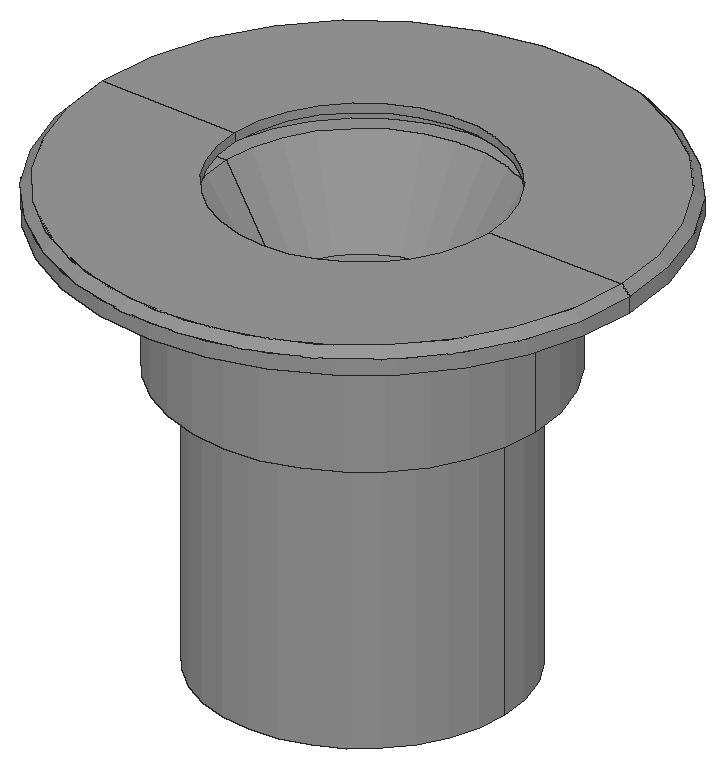
Revit family "0005170", category Lighting Fixtures, host Face, Revit 2017
Family settings
  Host = Face
  Round Connector Dimension = Use Diameter
  Part Type = Normal
  OmniClass Number = 23.80.70.00
  OmniClass Title = Lighting
  Cut with Voids When Loaded = No
  Light Source = No
  Shared = No
  Room Calculation Point = No
Parameters (values of type "0005170 START ECO SPOT ALU 740LM 830 IP44 WHT + WHT Refl")
  Weight = "kg"
  Wattage Comments = ""
  WarrantyStartDate [instance] = "n/a"
  WarrantyGuarantorParts = "n/a"
  WarrantyDurationUnit = "n/a"
  WarrantyDurationParts = "n/a"
  WarrantyDescription = "n/a"
  Voltage = 230 V
  URL = "http://www.sylvania-lighting.com"
  TypeName = "Start eco Spot Aluminium 740lm 830 IP44 WHT + WHT Refl"
  TypeLamp_SYL = START eco Spot Aluminium lamp : 0005170 START ECO SPOT ALU 740LM 830 IP44 WHT + WHT Refl
  Type Image = <None>
  Type Comments = "n/a"
  TiltAnfle_SYL [instance] = 0.00°
  SerialNumber [instance] = "n/a"
  PowerFactor = 0
  PowerConsumption = "9 W"
  NominalLength = 86 mm
  NominalHeight = 64 mm
  NominalDepth = 86 mm
  Name = "Start eco Spot Aluminium 740lm 830 IP44 WHT + WHT Refl"
  ModelReference = Name  # "Start eco Spot Aluminium 740lm 830 IP44 WHT + WHT Refl"
  ModelNumber = "0005170"
  Model = Name  # "Start eco Spot Aluminium 740lm 830 IP44 WHT + WHT Refl"
  Material = "n/a"
  ManufacturerName = "Feilo Sylvania"
  Manufacturer = "Feilo Sylvania"
  LuminousEfficacy = "82.22 lm/W"
  LuminaireType = ""
  LightOutputRatio = "n/a"
  LampsType = Lamp  # "LED"
  LampNominalLuminous = "740 lm"
  LampMacAdamStep = "n/a"
  LampColourTemperature = "3000 K"
  LampColourRenderingIndex = "80"
  Lamp = "LED"
  Keynote = "16500"
  InstallationDate [instance] = "n/a"
  InputVoltage = "220-240 V AC"
  InputNominalFrequency = "50/60 Hz"
  IngressProtection = "IP20/IP44"
  ImpactProtectionIndex = "IK03"
  IfcExportType = "IfcLightFixtureType"
  IfcExportAs = "IfcLightFixtureType"
  EndAngle_SYL [instance] = TiltAnfle_SYL + 180.00°  # 180.00°
  ElectricShockClassification = "Class II"
  DocumentationLiterature = "http://www.sylvania-lighting.com/product/en-int/products/0005170"
  DimmingControlOptions = "n/a"
  Material_2_SYL = Brushed Aluminum
  Description = "Integrated LED recessed spotlight, vertical tilt 30°, white bezel colour, white repleceable reflector, 740lm, 9.0W, dimmable trailing/leading edge, 3000K, 40° degree beam angle, polycarbonate and aluminium body, low profile 62mm recessed depth, IP44 from the front, IK03, loop-in/loop-out terminals for fast wiring, weight 0,165Kg, 85mm bezel diameter, 68-74mm cutout, clear lens. Additional black reflector included in the packaging. Lifetime: 30.000 hours at L70. Energy Class: A++, A+, A."
  Default Elevation = 1219.2 mm
  CreatedOn = "12/16/2019"
  CreatedBy = "@sylvania-lighting.com"
  Cost = 0
  built-in parameter 1114216 [instance] = (empty or 0)
  ClassificationValue = "EF_70_80"
  ClassificationName = "Uniclass2015"
  Material_1_SYL = ABS Plastic
  BarCode [instance] = "n/a"
  AssetType = "Fixed"
  AssetIdentifier [instance] = "n/a"
  Assembly Code = "D5020200"
  Apparent Load = 9 VA
Types (2, lengths in mm): name | TypeName | TypeLamp_SYL | Name | ModelReference | Model | LuminousEfficacy | LampNominalLuminous
  0005170 START ECO SPOT ALU 740LM 830 IP44 WHT + WHT Refl | "Start eco Spot Aluminium 740lm 830 IP44 WHT + WHT Refl" | START eco Spot Aluminium lamp : 0005170 START ECO SPOT ALU 740LM 830 IP44 WHT + WHT Refl | "Start eco Spot Aluminium 740lm 830 IP44 WHT + WHT Refl" | "Start eco Spot Aluminium 740lm 830 IP44 WHT + WHT Refl" | "Start eco Spot Aluminium 740lm 830 IP44 WHT + WHT Refl" | "82.22 lm/W" | "740 lm"
  0005170 START ECO SPOT ALU 740LM 830 IP44 WHT + BLK Refl | "Start eco Spot Aluminium 660lm 830 IP44 WHT + BLK Refl" | START eco Spot Aluminium lamp : 0005170 START ECO SPOT ALU 740LM 830 IP44 WHT + BLK Refl | "Start eco Spot Aluminium 660lm 830 IP44 WHT + BLK Refl" | "Start eco Spot Aluminium 660lm 830 IP44 WHT + BLK Refl" | "Start eco Spot Aluminium 660lm 830 IP44 WHT + BLK Refl" | "73.33 lm/W" | "660 lm"
Reference planes
  plane 1 "Center (Front/Back)": y = 0
  plane 2: z = 0
  plane 3 "Center (Left/Right)": x = 0
  plane 4: z = 4
  plane 5: z = 2.5
  plane 6: x = -47.8
  plane 7: x = -46.3
  plane 8: x = -24.2
  plane 9: x = -22.7
  plane 10: z = -10.75
  plane 11: x = -31
  plane 12: z = -25
  plane 13: z = -60
  plane 14: x = -27.4
Forms (mm)
  Revolve 1, solid, material "ABS Plastic" <- "Material_1_SYL"
    sketch origin (0, 0, 0) x (1, 0, 0) y (0, 0, 1)
      loop
        line (-22.7, 4) -> (-46.3, 4) -> (-47.8, 2.5) -> (-47.8, 0) -> (-31, 0) -> (-31, -25) -> (-27.4, -25) -> (-27.4, 2.5) -> (-22.7, 2.5) -> (-22.7, 4)
      axis (0, 4) -> (0, -25)
    angle from 360 to 0
  Revolve 2, void
    sketch origin (0, 0, 0) x (1, 0, 0) y (0, 0, 1)
      loop
        line (0, -70.042) -> (0, 0) -> (-31, 0) -> (-31, -70.042) -> (0, -70.042)
      axis (0, 0) -> (0, -70.042)
    angle from 360 to 0
  Revolve 3, solid, not visible
    sketch origin (-1534.635, -4572, -10.75) x (-1, 0, 0) y (0, -1, 0)
      loop
        line (-1534.635, -4572) -> (-1519.635, -4572) -> (-1519.635, -4564.52) -> (-1534.635, -4564.52) -> (-1534.635, -4572)
      axis (-1534.635, -4572) -> (-1519.635, -4572)
    angle from 0 <- "TiltAnfle_SYL" to 180 <- "EndAngle_SYL"
Dimensions and locks
  locked: plane 4 to plane 10 at 14.75
  aligned and locked: plane 2 to host face
  aligned and locked: level to host face
  aligned and locked: plane 4 to Revolve 1 sketch curve
  aligned and locked: plane 6 to Revolve 1 sketch curve
  aligned and locked: Revolve 1 sketch curve to plane 6
  aligned and locked: Revolve 1 sketch curve to level
  aligned and locked: Revolve 1 sketch curve to plane 11
  aligned and locked: Revolve 2 sketch curve to plane 3 "Center (Left/Right)"  (x2)
  aligned and locked: Revolve 1 to Revolve 2 sketch curve
  aligned and locked: Revolve 2 sketch curve to Revolve 1
  aligned and locked: Revolve 1 sketch curve to plane 3 "Center (Left/Right)"
  aligned and locked: Revolve 3 sketch curve to plane 1 "Center (Front/Back)"
  aligned and locked: Revolve 3 sketch curve to Revolve 3 sketch curve
  aligned and locked: plane 3 "Center (Left/Right)" to Revolve 3 sketch curve
  aligned and locked: plane 3 "Center (Left/Right)" to nested 1
  aligned and locked: Revolve 1 sketch curve to plane 14
  aligned and locked: Revolve 1 sketch curve to plane 5
Nested families
  nested 1: "START eco Spot Aluminium lamp" at (0, 0, -10.75), type <- "TypeLamp_SYL", type "0005170 START ECO SPOT ALU 740LM 830 IP44 WHT + WHT Refl"
    with WarrantyStartDate "n/a", SerialNumber "n/a", InstallationDate "n/a", built-in parameter 1114216 (empty or 0), BarCode "n/a", AssetIdentifier "n/a"
Connectors
  electrical at (0, 0, -60), driven by "PowerFactor", driven by "Apparent Load", driven by "Voltage"
    settings: on Revolve 1, index 1, voltage 230 V, apparent load 9 VA, apparent load phase1 0 VA, apparent load phase2 0 VA, apparent load phase3 0 VA, power factor 0, load classification "Other", number of poles 1, system type 30, power factor state 1, is connector primary yes, connector utility no, sub classification motor no, connector description ""
Definition of nested family "START eco Spot Aluminium lamp"
  Parameters (values of type "0005177 START ECO SPOT ALU 760LM 840 IP65 BRA")
    Weight = "kg"
    Wattage Comments = ""
    Wattage = 9 W
    WarrantyStartDate [instance] = "n/a"
    WarrantyGuarantorParts = "n/a"
    WarrantyDurationUnit = "n/a"
    WarrantyDurationParts = "n/a"
    WarrantyDescription = "n/a"
    built-in parameter 1150110 = 1 (stored number, unit not read)
    Voltage = 230 V
    URL = "http://www.sylvania-lighting.com"
    TypeName = "Start eco Spot Aluminium 760lm 840 IP65 BRA"
    Type Image = (empty or 0)
    Type Comments = "n/a"
    built-in parameter 1114217 = 1 (stored number, unit not read)
    Tilt Angle = -90.00°
    built-in parameter 1150109 = 1 (stored number, unit not read)
    built-in parameter 1150134 = 12
    built-in parameter 1150113 = 1 (stored number, unit not read)
    SerialNumber [instance] = "n/a"
    Photometric Web File = "0005177.ies"
    Material_3_SYL = none
    PowerFactor = 0
    PowerConsumption = "n/a"
    NominalLength = 0 mm
    NominalHeight = 0 mm
    NominalDepth = 0 mm
    Name = "Start eco Spot Aluminium 760lm 840 IP65 BRA"
    ModelReference = Name  # "Start eco Spot Aluminium 760lm 840 IP65 BRA"
    ModelNumber = "0005177"
    Model = Name  # "Start eco Spot Aluminium 760lm 840 IP65 BRA"
    Material = "n/a"
    ManufacturerName = "Feilo Sylvania"
    Manufacturer = "Feilo Sylvania"
    LuminousEfficacy = "n/a"
    built-in parameter 1150105 = 60.479 (stored number, unit not read)
    Lumens = 760 lm
    LuminaireType = ""
    built-in parameter 1150115 = 1 (stored number, unit not read)
    LightOutputRatio = "n/a"
    built-in parameter 1150137 = (empty or 0)
    built-in parameter 1150139 = (empty or 0)
    LampsType = Lamp  # "LED"
    LampNominalLuminous = "n/a"
    LampMacAdamStep = "n/a"
    LampColourTemperature = "n/a"
    LampColourRenderingIndex = "n/a"
    built-in parameter 1150112 = 1 (stored number, unit not read)
    built-in parameter 1150114 = 1 (stored number, unit not read)
    Lamp = "LED"
    Keynote = "16500"
    InstallationDate [instance] = "n/a"
    InputVoltage = "n/a"
    InputNominalFrequency = "n/a"
    built-in parameter 1150132 = (empty or 0)
    built-in parameter 1150102 = (empty or 0)
    built-in parameter 1150107 = 4000 (stored number, unit not read)
    built-in parameter 1150138 = (empty or 0)
    IngressProtection = "n/a"
    ImpactProtectionIndex = "n/a"
    built-in parameter 1150106 = 0.60479 (stored number, unit not read)
    IfcExportType = "IfcLightFixtureType"
    IfcExportAs = "IfcLightFixtureType"
    Emit from Circle Diameter = 48.4 mm
    Emit Shape Visible in Rendering = no
    ElectricShockClassification = "Class II"
    built-in parameter 1150104 = 7.8451 (stored number, unit not read)
    DocumentationLiterature = "http://www.sylvania-lighting.com/product/en-int/products/0005177"
    DimmingControlOptions = "n/a"
    Material_2_SYL = none
    Dimming Lamp Color Temperature Shift = (empty or 0)
    Description = "Integrated LED recessed spotlight, vertical tilt 30°, brushed aluminium bezel finish, black reflector, 760lm, 9.0W, dimmable trailing/leading edge, 4000K, 40° degree beam angle, polycarbonate and aluminium body, low profile 62mm recessed depth, IP65 from the front, IK03, loop-in/loop-out terminals for fast wiring, weight 0,165Kg, 85mm bezel diameter, 68-74mm cutout, clear lens. Lifetime: 30.000 hours at L70. Energy Class: A++, A+, A."
    Default Elevation = 1219.2 mm
    CreatedOn = "12/16/2019"
    CreatedBy = "@sylvania-lighting.com"
    Cost = 0
    Color Filter = 16777215
    built-in parameter 1114216 [instance] = (empty or 0)
    ClassificationValue = "EF_70_80"
    ClassificationName = "Uniclass2015"
    Material_1_SYL = none
    BarCode [instance] = "n/a"
    built-in parameter 1114218 = 1 (stored number, unit not read)
    built-in parameter 1150133 = 10 (stored number, unit not read)
    AssetType = "Fixed"
    AssetIdentifier [instance] = "n/a"
    Assembly Code = "D5020200"
    Apparent Load = 9 VA
    Material_4_SYL = none
  Types (12, lengths in mm): name | TypeName | built-in parameter 1150134 | Photometric Web File | Name | ModelReference | ModelNumber | Model | built-in parameter 1150105 | Lumens | built-in parameter 1150107 | built-in parameter 1150106 | built-in parameter 1150104 | DocumentationLiterature | Description
    0005177 START ECO SPOT ALU 760LM 840 IP65 BRA | "Start eco Spot Aluminium 760lm 840 IP65 BRA" | 12 | "0005177.ies" | "Start eco Spot Aluminium 760lm 840 IP65 BRA" | "Start eco Spot Aluminium 760lm 840 IP65 BRA" | "0005177" | "Start eco Spot Aluminium 760lm 840 IP65 BRA" | 60.479 (stored number, unit not read) | 760 lm | 4000 (stored number, unit not read) | 0.60479 (stored number, unit not read) | 7.8451 (stored number, unit not read) | "http://www.sylvania-lighting.com/product/en-int/products/0005177" | "Integrated LED recessed spotlight, vertical tilt 30°, brushed aluminium bezel finish, black reflector, 760lm, 9.0W, dimmable trailing/leading edge, 4000K, 40° degree beam angle, polycarbonate and aluminium body, low profile 62mm recessed depth, IP65 from the front, IK03, loop-in/loop-out terminals for fast wiring, weight 0,165Kg, 85mm bezel diameter, 68-74mm cutout, clear lens. Lifetime: 30.000 hours at L70. Energy Class: A++, A+, A."
    0005176 START ECO SPOT ALU 660LM 830 IP65 BRA | "Start eco Spot Aluminium 660lm 830 IP65 BRA" | (empty or 0) | "0005176.ies" | "Start eco Spot Aluminium 660lm 830 IP65 BRA" | "Start eco Spot Aluminium 660lm 830 IP65 BRA" | "0005176" | "Start eco Spot Aluminium 660lm 830 IP65 BRA" | 52.521 (stored number, unit not read) | 660 lm | 3000 (stored number, unit not read) | 0.52521 (stored number, unit not read) | 6.8129 (stored number, unit not read) | "http://www.sylvania-lighting.com/product/en-int/products/0005176" | "Integrated LED recessed spotlight, vertical tilt 30°, brushed aluminium bezel finish, black reflector, 660lm, 9.0W, dimmable trailing/leading edge, 3000K, 40° degree beam angle, polycarbonate and aluminium body, low profile 62mm recessed depth, IP65 from the front, IK03, loop-in/loop-out terminals for fast wiring, weight 0,165Kg, 85mm bezel diameter, 68-74mm cutout, clear lens. Lifetime: 30.000 hours at L70. Energy Class: A++, A+, A."
    0005175 START ECO SPOT ALU 800LM 840 IP65 WHT | "Start eco Spot Aluminium 800lm 840 IP65 WHT" | 12 | "0005175.ies" | "Start eco Spot Aluminium 800lm 840 IP65 WHT" | "Start eco Spot Aluminium 800lm 840 IP65 WHT" | "0005175" | "Start eco Spot Aluminium 800lm 840 IP65 WHT" | 63.662 (stored number, unit not read) | 800 lm | 4000 (stored number, unit not read) | 0.63662 (stored number, unit not read) | 8.258 (stored number, unit not read) | "http://www.sylvania-lighting.com/product/en-int/products/0005175" | "Integrated LED recessed spotlight, vertical tilt 30°, white bezel colour, white reflector, 800lm, 9.0W, dimmable trailing/leading edge, 4000K, 40° degree beam angle, polycarbonate and aluminium body, low profile 62mm recessed depth, IP65 from the front, IK03, loop-in/loop-out terminals for fast wiring, weight 0,165Kg, 85mm bezel diameter, 68-74mm cutout, clear lens. Lifetime: 30.000 hours at L70. Energy Class: A++, A+, A."
    0005174 START ECO SPOT ALU 740LM 830 IP65 WHT | "Start eco Spot Aluminium 740lm 830 IP65 WHT" | (empty or 0) | "0005174.ies" | "Start eco Spot Aluminium 740lm 830 IP65 WHT" | "Start eco Spot Aluminium 740lm 830 IP65 WHT" | "0005174" | "Start eco Spot Aluminium 740lm 830 IP65 WHT" | 58.887 (stored number, unit not read) | 740 lm | 3000 (stored number, unit not read) | 0.58887 (stored number, unit not read) | 7.6387 (stored number, unit not read) | "http://www.sylvania-lighting.com/product/en-int/products/0005174" | "Integrated LED recessed spotlight, vertical tilt 30°, white bezel colour, white reflector, 740lm, 9.0W, dimmable trailing/leading edge, 3000K, 40° degree beam angle, polycarbonate and aluminium body, low profile 62mm recessed depth, IP65 from the front, IK03, loop-in/loop-out terminals for fast wiring, weight 0,165Kg, 85mm bezel diameter, 68-74mm cutout, clear lens. Lifetime: 30.000 hours at L70. Energy Class: A++, A+, A."
    0005173 START ECO SPOT ALU 760LM 840 IP44 BRA + BLK Refl | "Start eco Spot Aluminium 760lm 840 IP44 BRA + BLK Refl" | 12 | "0005173_BLK_REFL.ies" | "Start eco Spot Aluminium 760lm 840 IP44 BRA + BLK Refl" | "Start eco Spot Aluminium 760lm 840 IP44 BRA + BLK Refl" | "0005173" | "Start eco Spot Aluminium 760lm 840 IP44 BRA + BLK Refl" | 60.479 (stored number, unit not read) | 760 lm | 4000 (stored number, unit not read) | 0.60479 (stored number, unit not read) | 7.8451 (stored number, unit not read) | "http://www.sylvania-lighting.com/product/en-int/products/0005173" | "Integrated LED recessed spotlight, vertical tilt 30°, brushed aluminium bezel finish, black repleceable reflector, 760lm, 9.0W, dimmable trailing/leading edge, 4000K, 40° degree beam angle, polycarbonate and aluminium body, low profile 62mm recessed depth, IP44 from the front, IK03, loop-in/loop-out terminals for fast wiring, weight 0,165Kg, 85mm bezel diameter, 68-74mm cutout, clear lens. Additional white reflector included in the packaging. Lifetime: 30.000 hours at L70. Energy Class: A++, A+, A."
    0005173 START ECO SPOT ALU 760LM 840 IP44 BRA + WHT Refl | "Start eco Spot Aluminium 800lm 840 IP44 BRA + WHT Refl" | 12 | "0005173_WHT_REFL.ies" | "Start eco Spot Aluminium 800lm 840 IP44 BRA + WHT Refl" | "Start eco Spot Aluminium 800lm 840 IP44 BRA + WHT Refl" | "0005173" | "Start eco Spot Aluminium 800lm 840 IP44 BRA + WHT Refl" | 63.662 (stored number, unit not read) | 800 lm | 4000 (stored number, unit not read) | 0.63662 (stored number, unit not read) | 8.258 (stored number, unit not read) | "http://www.sylvania-lighting.com/product/en-int/products/0005173" | "Integrated LED recessed spotlight, vertical tilt 30°, brushed aluminium bezel finish, black repleceable reflector, 760lm, 9.0W, dimmable trailing/leading edge, 4000K, 40° degree beam angle, polycarbonate and aluminium body, low profile 62mm recessed depth, IP44 from the front, IK03, loop-in/loop-out terminals for fast wiring, weight 0,165Kg, 85mm bezel diameter, 68-74mm cutout, clear lens. Additional white reflector included in the packaging. Lifetime: 30.000 hours at L70. Energy Class: A++, A+, A."
    0005172 START ECO SPOT ALU 660LM 830 IP44 BRA + BLK Refl | "Start eco Spot Aluminium 660lm 830 IP44 BRA + BLK Refl" | (empty or 0) | "0005172_BLK_REFL.ies" | "Start eco Spot Aluminium 660lm 830 IP44 BRA + BLK Refl" | "Start eco Spot Aluminium 660lm 830 IP44 BRA + BLK Refl" | "0005172" | "Start eco Spot Aluminium 660lm 830 IP44 BRA + BLK Refl" | 52.521 (stored number, unit not read) | 660 lm | 3000 (stored number, unit not read) | 0.52521 (stored number, unit not read) | 6.8129 (stored number, unit not read) | "http://www.sylvania-lighting.com/product/en-int/products/0005172" | "Integrated LED recessed spotlight, vertical tilt 30°, brushed aluminium bezel finish, black repleceable reflector, 660lm, 9.0W, dimmable trailing/leading edge, 3000K, 40° degree beam angle, polycarbonate and aluminium body, low profile 62mm recessed depth, IP44 from the front, IK03, loop-in/loop-out terminals for fast wiring, weight 0,165Kg, 85mm bezel diameter, 68-74mm cutout, clear lens. Additional white reflector included in the packaging. Lifetime: 30.000 hours at L70. Energy Class: A++, A+, A."
    0005172 START ECO SPOT ALU 660LM 830 IP44 BRA + WHT Refl | "Start eco Spot Aluminium 740lm 830 IP44 BRA + WHT Refl" | (empty or 0) | "0005172_WHT_REFL.ies" | "Start eco Spot Aluminium 740lm 830 IP44 BRA + WHT Refl" | "Start eco Spot Aluminium 740lm 830 IP44 BRA + WHT Refl" | "0005172" | "Start eco Spot Aluminium 740lm 830 IP44 BRA + WHT Refl" | 58.887 (stored number, unit not read) | 740 lm | 3000 (stored number, unit not read) | 0.58887 (stored number, unit not read) | 7.6387 (stored number, unit not read) | "http://www.sylvania-lighting.com/product/en-int/products/0005172" | "Integrated LED recessed spotlight, vertical tilt 30°, brushed aluminium bezel finish, black repleceable reflector, 660lm, 9.0W, dimmable trailing/leading edge, 3000K, 40° degree beam angle, polycarbonate and aluminium body, low profile 62mm recessed depth, IP44 from the front, IK03, loop-in/loop-out terminals for fast wiring, weight 0,165Kg, 85mm bezel diameter, 68-74mm cutout, clear lens. Additional white reflector included in the packaging. Lifetime: 30.000 hours at L70. Energy Class: A++, A+, A."
    0005171 START ECO SPOT ALU 800LM 840 IP44 WHT + BLK Refl | "Start eco Spot Aluminium 760lm 840 IP44 WHT + BLK Refl" | 12 | "0005171_BLK_REFL.ies" | "Start eco Spot Aluminium 760lm 840 IP44 WHT + BLK Refl" | "Start eco Spot Aluminium 760lm 840 IP44 WHT + BLK Refl" | "0005171" | "Start eco Spot Aluminium 760lm 840 IP44 WHT + BLK Refl" | 60.479 (stored number, unit not read) | 760 lm | 4000 (stored number, unit not read) | 0.60479 (stored number, unit not read) | 7.8451 (stored number, unit not read) | "http://www.sylvania-lighting.com/product/en-int/products/0005171" | "Integrated LED recessed spotlight, vertical tilt 30°, white bezel colour, white repleceable reflector, 800lm, 9.0W, dimmable trailing/leading edge, 4000K, 40° degree beam angle, polycarbonate and aluminium body, low profile 62mm recessed depth, IP44 from the front, IK03, loop-in/loop-out terminals for fast wiring, weight 0,165Kg, 85mm bezel diameter, 68-74mm cutout, clear lens. Additional black reflector included in the packaging. Lifetime: 30.000 hours at L70. Energy Class: A++, A+, A."
    0005171 START ECO SPOT ALU 800LM 840 IP44 WHT + WHT Refl | "Start eco Spot Aluminium 800lm 840 IP44 WHT + WHT Refl" | 12 | "0005171_WHT_REFL.ies" | "Start eco Spot Aluminium 800lm 840 IP44 WHT + WHT Refl" | "Start eco Spot Aluminium 800lm 840 IP44 WHT + WHT Refl" | "0005171" | "Start eco Spot Aluminium 800lm 840 IP44 WHT + WHT Refl" | 63.662 (stored number, unit not read) | 800 lm | 4000 (stored number, unit not read) | 0.63662 (stored number, unit not read) | 8.258 (stored number, unit not read) | "http://www.sylvania-lighting.com/product/en-int/products/0005171" | "Integrated LED recessed spotlight, vertical tilt 30°, white bezel colour, white repleceable reflector, 800lm, 9.0W, dimmable trailing/leading edge, 4000K, 40° degree beam angle, polycarbonate and aluminium body, low profile 62mm recessed depth, IP44 from the front, IK03, loop-in/loop-out terminals for fast wiring, weight 0,165Kg, 85mm bezel diameter, 68-74mm cutout, clear lens. Additional black reflector included in the packaging. Lifetime: 30.000 hours at L70. Energy Class: A++, A+, A."
    0005170 START ECO SPOT ALU 740LM 830 IP44 WHT + BLK Refl | "Start eco Spot Aluminium 660lm 830 IP44 WHT + BLK Refl" | (empty or 0) | "0005170_BLK_REFL.ies" | "Start eco Spot Aluminium 660lm 830 IP44 WHT + BLK Refl" | "Start eco Spot Aluminium 660lm 830 IP44 WHT + BLK Refl" | "0005170" | "Start eco Spot Aluminium 660lm 830 IP44 WHT + BLK Refl" | 52.521 (stored number, unit not read) | 660 lm | 3000 (stored number, unit not read) | 0.52521 (stored number, unit not read) | 6.8129 (stored number, unit not read) | "http://www.sylvania-lighting.com/product/en-int/products/0005170" | "Integrated LED recessed spotlight, vertical tilt 30°, white bezel colour, white repleceable reflector, 740lm, 9.0W, dimmable trailing/leading edge, 3000K, 40° degree beam angle, polycarbonate and aluminium body, low profile 62mm recessed depth, IP44 from the front, IK03, loop-in/loop-out terminals for fast wiring, weight 0,165Kg, 85mm bezel diameter, 68-74mm cutout, clear lens. Additional black reflector included in the packaging. Lifetime: 30.000 hours at L70. Energy Class: A++, A+, A."
    0005170 START ECO SPOT ALU 740LM 830 IP44 WHT + WHT Refl | "Start eco Spot Aluminium 740lm 830 IP44 WHT + WHT Refl" | (empty or 0) | "0005170_WHT_REFL.ies" | "Start eco Spot Aluminium 740lm 830 IP44 WHT + WHT Refl" | "Start eco Spot Aluminium 740lm 830 IP44 WHT + WHT Refl" | "0005170" | "Start eco Spot Aluminium 740lm 830 IP44 WHT + WHT Refl" | 58.887 (stored number, unit not read) | 740 lm | 3000 (stored number, unit not read) | 0.58887 (stored number, unit not read) | 7.6387 (stored number, unit not read) | "http://www.sylvania-lighting.com/product/en-int/products/0005170" | "Integrated LED recessed spotlight, vertical tilt 30°, white bezel colour, white repleceable reflector, 740lm, 9.0W, dimmable trailing/leading edge, 3000K, 40° degree beam angle, polycarbonate and aluminium body, low profile 62mm recessed depth, IP44 from the front, IK03, loop-in/loop-out terminals for fast wiring, weight 0,165Kg, 85mm bezel diameter, 68-74mm cutout, clear lens. Additional black reflector included in the packaging. Lifetime: 30.000 hours at L70. Energy Class: A++, A+, A."
  Reference planes
    plane 1 "Center (Front/Back)": y = 0
    plane 2: z = 0
    plane 3 "Center (Left/Right)": x = 0
    plane 4: x = -27.3
    plane 5: z = 9.8
    plane 6: x = -24.3
    plane 7: x = -15.2
    plane 8: x = -25.4
    plane 9: z = -6
    plane 10: z = -7
    plane 11: z = -61.6
    plane 12: z = -5.2
  Forms (mm)
    Extrusion 1, solid
      sketch origin (1159.2, -1159.2, 0) x (1, 0, 0) y (0, 1, 0)
        loop
          line (-1219.2, 1219.2) -> (-1219.2, 1099.2) -> (-1099.2, 1099.2) -> (-1099.2, 1219.2) -> (-1219.2, 1219.2)
      from 0 to -68.017
    Revolve 2, solid, material <- "Material_1_SYL"
      sketch origin (0, 0, 0) x (1, 0, 0) y (0, 0, 1)
        loop
          line (0, -5.2) -> (-15.2, -5.2) -> (-24.3, 9.8) -> (-27.3, 9.8) -> (-27.3, -6) -> (-25.4, -7) -> (-25.4, -61.6) -> (0, -61.6) -> (0, -5.2)
        axis (0, 9.8) -> (0, -61.6)
      angle from 360 to 0
  Dimensions and locks
    locked: plane 3 "Center (Left/Right)" to plane 4 at 27.3
    locked: plane 5 to plane 2 at 9.8
    plane 3 "Center (Left/Right)" to plane 7 to plane 6 to plane 8 = 15.2 mm locked, 9.1 mm locked, 1.1 mm locked
    plane 2 to plane 9 to plane 10 = 6 mm locked, 1 mm locked
    locked: plane 2 to plane 11 at 61.6
    locked: plane 5 to plane 12 at 15
    aligned and locked: plane 2 to Extrusion 1
    aligned and locked: level to Extrusion 1
    aligned and locked: imposter light to plane 1 "Center (Front/Back)"
    aligned and locked: Revolve 2 sketch curve to plane 3 "Center (Left/Right)"
    aligned and locked: plane 3 "Center (Left/Right)" to Revolve 2 sketch curve  (x2)
    aligned and locked: plane 7 to Revolve 2 sketch curve
    aligned and locked: Revolve 2 sketch curve to plane 12
    aligned and locked: plane 6 to Revolve 2 sketch curve
    aligned and locked: Revolve 2 sketch curve to plane 5
    aligned and locked: Revolve 2 sketch curve to plane 4
    aligned and locked: plane 10 to Revolve 2 sketch curve
    aligned and locked: Revolve 2 sketch curve to plane 8
    aligned and locked: Revolve 2 sketch curve to plane 11
    aligned and locked: imposter light to plane 5
